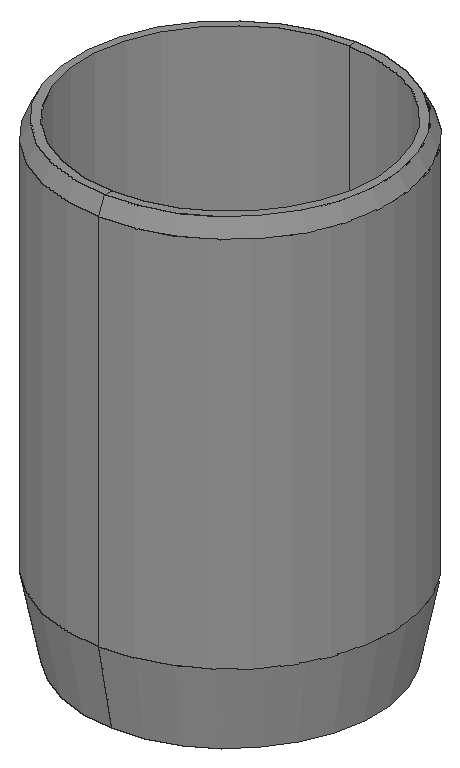
Revit family "Урна бетонная 2", category Антураж, Revit 2017
Family settings
  На основе рабочей плоскости = Нет
  Всегда вертикально = Да
  При загрузке вырезать с полостями = Нет
  Источник визуального образа = Геометрия семейства
  Общий = Нет
  Точка расчета площади = Нет
Parameters (values of type "Урна бетонная 2")
  Стоимость = 4320
  Изготовитель = "ООО «Хоббика»"
  Высота = 0 mm
  URL = "https://hobbyka.ru/product/urna_betonnaya_2/?sphrase_id=88646"
  ADSK_Размер_Ширина = 410 mm
  ADSK_Размер_Длина = 410 mm
  ADSK_Размер_Высота = 600 mm
  ADSK_Объем = 0.00 m³
  ADSK_Наименование = "Урна бетонная 2"
  ADSK_Материал урны = Бетон
  ADSK_Масса = 0.00 kg
  ADSK_Код изделия = "9989"
Reference planes
  plane 1 "По центру (Вперед/Назад)": y = 0
  plane 2: z = 0
  plane 3 "По центру (Влево/Вправо)": x = 0
Forms (mm)
  Revolve 1, solid, material "Бетон" <- "ADSK_Материал урны"
    sketch origin (0, 0, 0) x (0, 1, 0) y (0, 0, 1)
      loop
        line (-184.998, 100) -> (-184.998, 600) -> (-194.999, 600) -> (-205, 580) -> (-205, 100) -> (-184.5, 0) -> (0, 0) -> (0, 100) -> (-184.998, 100)
      axis (0, 0) -> (0, 600)
    angle from 0 to 360
Dimensions and locks
  aligned and locked: level to plane 2
